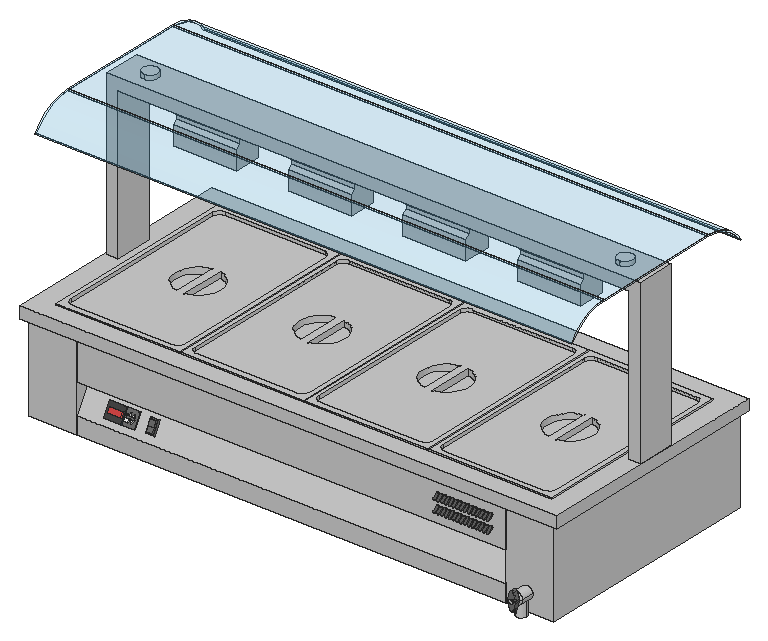
Revit family "QF_INOMAK_MSV614_250605095516", category Specialty Equipment, Revit 2021
Family settings
  Round Connector Dimension = Use Diameter
  Part Type = Normal
  OmniClass Number = 23.40.40.14
  OmniClass Title = Food Service Equipment
  Work Plane-Based = No
  Always vertical = Yes
  Cut with Voids When Loaded = No
  Shared = No
  Room Calculation Point = No
Parameters (values of type "MSV614")
  Weight [instance] = 51.00 kg
  Waste Water Discharge Temperature [instance] = 0 °C
  Waste Remarks [instance] = ""
  Warranty Start Date [instance] = ""
  Warranty Duration [instance] = ""
  Volts [instance] = 230 V
  Volt Free Conn [instance] = no
  URL Recommended Spares List [instance] = ""
  URL Manufacturer [instance] = ""
  URL Cutsheet [instance] = ""
  URL Critical Spares List [instance] = ""
  URL = "www.inomak.com"
  Technical Documentation [instance] = ""
  Tag Number [instance] = ""
  Status [instance] = ""
  Start Up Current [instance] = 0 A
  Specification by User [instance] = ""
  Specification by Manufacturer [instance] = ""
  Sound Level [instance] = ""
  Show Logo [instance] = yes
  Show Clearances [instance] = yes
  Service Life Duration [instance] = ""
  Serial Number [instance] = ""
  Seismic Rating [instance] = ""
  SMACNA No [instance] = ""
  Revision Code [instance] = ""
  Revision [instance] = ""
  Production Year [instance] = ""
  Potential Equalisation [instance] = no
  Point Load [instance] = 0
  Plumbing Connection Type [instance] = ""
  Phase [instance] = 1
  Other Equipment Approvals [instance] = ""
  Operational Current [instance] = 0 A
  Number of Poles [instance] = 2
  No Load Power Draw [instance] = no
  NAFEM Spec ID Number [instance] = ""
  Model Warning [instance] = ""
  Model = "MSV614"
  Min Ckt Ampacity [instance] = 0 A
  Max Overcurrent Protection [instance] = 16 A
  Masterspec [instance] = ""
  Manufacturer = "INOMAK"
  Main switch integrated [instance] = no
  Length Actual [instance] = 1406 mm
  Item Number [instance] = ""
  Installed By [instance] = ""
  Installation Date [instance] = ""
  Indirect Waste Size [instance] = 25.4 mm
  Indirect Waste Remarks [instance] = ""
  Indirect Waste Flow [instance] = 0.0 L/s
  Indirect Waste Connection Type [instance] = ""
  Indirect Waste Connection Height [instance] = 0 mm
  Identify Quantity as Lot [instance] = no
  ID [instance] = ""
  Hygiene Approval [instance] = ""
  Height Actual [instance] = 708 mm
  HP power [instance] = ""
  Furnished By [instance] = ""
  Foodservice Equipment Identifier [instance] = no
  FL Amps [instance] = 11 A
  Electrical Remarks [instance] = ""
  Electric power [instance] = 2520 W
  Electric Connection Type [instance] = ""
  Elec Conn RI Height [instance] = 0 mm
  Elec Conn Connection Height [instance] = 0 mm
  ETL Approved [instance] = no
  Direct Waste Water Discharge Temperature [instance] = -273.15 °C
  Direct Waste Size [instance] = 25.4 mm
  Direct Waste RI Height [instance] = 0 mm
  Direct Waste Flow [instance] = 0.0 L/s
  Direct Waste Connection Height [instance] = 0 mm
  Description = "PORTABLE BAIN MARIE WITH 4 GN PANS CAPACITY AND DOUBLE SNEEZE GUARD"
  Depth Actual [instance] = 629 mm
  Default Elevation = 0 mm
  Cycle [instance] = 50 Hz
  Cost = 0
  Connection to energy optimisation system [instance] = yes
  Conn Plug [instance] = ""
  Conn Conduit [instance] = no
  Centralized building control system with digital interface [instance] = ""
  CSI MasterFormat [instance] = ""
  CE Approved [instance] = no
  Barcode [instance] = 0
  Author [instance] = ""
  Asset Identifier [instance] = ""
  Apparent Power [instance] = 2520 VA
  Accessory [instance] = no
Reference planes
  plane 1 "Center (Front/Back)": y = 0
  plane 2: z = 0
  plane 3 "Center (Left/Right)": x = 0
Forms (mm)
  Extrusion 1, solid, not visible
    sketch origin (1320.064, -600.029, 12.001) x (1, 0, 0) y (0, 1, 0)
      loop
        line (-2, 2) -> (-2, -2) -> (2, -2) -> (2, 2) -> (-2, 2)
    from -2 to 2
  Extrusion 2, solid, not visible
    sketch origin (80.004, -600.029, 12.001) x (1, 0, 0) y (0, 1, 0)
      loop
        line (-2, 2) -> (-2, -2) -> (2, -2) -> (2, 2) -> (-2, 2)
    from -2 to 2
Dimensions and locks
  locked: nested 2 to Extrusion 1 at 2  (x2)
  locked: nested 3 to Extrusion 2 at 2  (x2)
  aligned and locked: level to plane 2
Nested families
  nested 1: "QF_INOMAK_PORTABLE_BAIN_MARIES_1410_2920" at (0, 0, 0), type "MSV614"
    with Weight 51.00 kg, Warranty Start Date "", Warranty Duration "", URL Cutsheet "", Technical Documentation "", Tag Number "", Status "", Specification by User "", Specification by Manufacturer "", Sound Level "", Solid Fuel Type "", Show Logo yes, Show Clearances yes, Service Life Duration "", Serial Number "", Seismic Rating "", SMACNA No "", Revision Code "", Revision "", Production Year "", Point Load 0, Other Equipment Approvals "", NAFEM Spec ID Number "", Model Warning "", Masterspec "", Length Actual 1406 mm, Item Number "", Installed By "", Installation Date "", Identify Quantity as Lot yes, ID "", Hygiene Approval "", Height Actual 708 mm, Furnished By "", Foodservice Equipment Identifier yes, ETL Approved yes, Depth Actual 629 mm, CSI MasterFormat "", CE Approved yes, Barcode "", Author "", Asset Identifier "", Accessory no
  nested 2: "CONN_POINT_DRAIN_2D___Generic_Annotation" at (1320.064, -600.029, 10), type "CONN_POINT_DRAIN_2D___Generic_Annotation"
    with Onboard connection annotation symbol visibility yes
  nested 3: "CONN_POINT_ELE_2D___Generic_Annotation" at (80.004, -600.029, 10), type "CONN_POINT_ELE_2D___Generic_Annotation"
    with Onboard connection annotation symbol visibility yes
  nested 4: "QF_INOMAK_HEAT_WORKTOPS_HTDS_1410_4767" at (0, 0, 268), type "HTDS-1410-630"
    with Weight 0.00 kg, Warranty Start Date "", Warranty Duration "", URL Cutsheet "", Technical Documentation "", Tag Number "", Status "", Specification by User "", Specification by Manufacturer "", Sound Level "", Solid Fuel Type "", Show Logo yes, Show Clearances yes, Service Life Duration "", Serial Number "", Seismic Rating "", SMACNA No "", Revision Code "", Revision "", Production Year "", Point Load 0, Other Equipment Approvals "", NAFEM Spec ID Number "", Model Warning "", Masterspec "", Length Actual 1406 mm, Item Number "", Installed By "", Installation Date "", Identify Quantity as Lot yes, ID "", Hygiene Approval "", Height Actual 440 mm, Furnished By "", Foodservice Equipment Identifier yes, ETL Approved yes, Depth Actual 630 mm, CSI MasterFormat "", CE Approved yes, Barcode "", Author "", Asset Identifier "", Accessory yes
Connectors
  piping at (1320.064, -600.029, 10), diameter 25.4, driven by "Indirect Waste Size", driven by "Direct Waste Flow"
    settings: on Extrusion 1, index 1, connector inside diameter 609.6 mm, connector length 0 mm, flow factor 0, pipe flow 0.0 L/s, pressure drop 0.0 Pa, fitting loss kfactor 0, connector angle 0.00°, fixture units 0, engagement length 0 mm, angle of deflection 0.00°, flow configuration 1, flow direction 2, fitting loss method 0, system type 16, joint type 0, gender type 0, connector reference index -1, connector utility 0, adjustable connector no, is connector primary yes, connector description "Waste connection for MSV614"
  electrical at (80.004, -600.029, 10), driven by "Apparent Power", driven by "Number of Poles", driven by "Volts"
    settings: on Extrusion 2, index 2, voltage 230 V, apparent load 0 VA, apparent load phase1 2520 VA, apparent load phase2 0 VA, apparent load phase3 0 VA, power factor 1, load classification "Other", number of poles 2, system type 31, power factor state 1, is connector primary yes, connector utility no, sub classification motor no, connector description "Electrical connection for MSV614"
Definition of nested family "QF_INOMAK_PORTABLE_BAIN_MARIES_1410_2920"
  Parameters (values of type "MSV614")
    Weight [instance] = 0.00 kg
    Warranty Start Date [instance] = ""
    Warranty Duration [instance] = ""
    URL Cutsheet [instance] = ""
    URL = "www.inomak.com"
    Technical Documentation [instance] = ""
    Tag Number [instance] = ""
    Status [instance] = ""
    Specification by User [instance] = ""
    Specification by Manufacturer [instance] = ""
    Sound Level [instance] = ""
    Solid Fuel Type [instance] = ""
    Show Logo [instance] = yes
    Show Clearances [instance] = yes
    Service Life Duration [instance] = ""
    Serial Number [instance] = ""
    Seismic Rating [instance] = ""
    SMACNA No [instance] = ""
    Revision Code [instance] = ""
    Revision [instance] = ""
    Production Year [instance] = ""
    Point Load [instance] = 0
    Other Equipment Approvals [instance] = ""
    NAFEM Spec ID Number [instance] = ""
    Model Warning [instance] = ""
    Model = "MSV614"
    Masterspec [instance] = ""
    Manufacturer = "INOMAK"
    Length Actual [instance] = 0 mm
    Item Number [instance] = ""
    Installed By [instance] = ""
    Installation Date [instance] = ""
    Identify Quantity as Lot [instance] = yes
    ID [instance] = ""
    Hygiene Approval [instance] = ""
    Height Actual [instance] = 0 mm
    Furnished By [instance] = ""
    Foodservice Equipment Identifier [instance] = yes
    ETL Approved [instance] = yes
    Description = "PORTABLE BAIN MARIE WITH 4 GN PANS CAPACITY AND DOUBLE SNEEZE GUARD"
    Depth Actual [instance] = 0 mm
    Default Elevation = 0 mm
    CSI MasterFormat [instance] = ""
    CE Approved [instance] = yes
    Barcode [instance] = ""
    Author [instance] = ""
    Asset Identifier [instance] = ""
    Assembly Code = "E1090320"
    Accessory [instance] = yes
  Types (5, lengths in mm): name | Model | Description
    MBV614 | "MBV614" | "PORTABLE BAIN MARIE WITH 4 GN PANS CAPACITY AND SHOWCASE"
    MEV614 | "MEV614" | "PORTABLE BAIN MARIE WITH 4 GN PANS CAPACITY AND SINGLE SNEEZE GUARD"
    MSV614 | "MSV614" | "PORTABLE BAIN MARIE WITH 4 GN PANS CAPACITY AND DOUBLE SNEEZE GUARD"
    MBSQ614 | "MBSQ614" | "PORTABLE BAIN MARIE WITH 4 GN PANS CAPACITY AND SQUARE SHOWCASE"
    MAV614 | "MAV614" | "PORTABLE BAIN MARIE WITH 4 GN PANS CAPACITY"
  Reference planes
    plane 1 "Back": y = 0
    plane 2: z = 0
    plane 3 "Left": x = 0
    plane 4 "Right": x = 1406
    plane 5 "Front": y = -629
    plane 6 "Top": z = 268
  Forms (mm)
    Extrusion 1, solid
      sketch origin (562.428, -636, -16.393) x (-1, 0, 0) y (0, 0, 1)
        loop
          arc (-522.253, 222.665) -> (-526.351, 223.763) -> (-527.449, 219.665) r 3
          line (-527.449, 219.665) -> (-518.449, 204.077)
          arc (-518.449, 204.077) -> (-514.351, 202.979) -> (-513.253, 207.077) r 3
          line (-513.253, 207.077) -> (-522.253, 222.665)
        loop
          arc (-532.253, 222.665) -> (-536.351, 223.763) -> (-537.449, 219.665) r 3
          line (-537.449, 219.665) -> (-528.449, 204.077)
          arc (-528.449, 204.077) -> (-524.351, 202.979) -> (-523.253, 207.077) r 3
          line (-523.253, 207.077) -> (-532.253, 222.665)
        loop
          arc (-542.253, 222.665) -> (-546.351, 223.763) -> (-547.449, 219.665) r 3
          line (-547.449, 219.665) -> (-538.449, 204.077)
          arc (-538.449, 204.077) -> (-534.351, 202.979) -> (-533.253, 207.077) r 3
          line (-533.253, 207.077) -> (-542.253, 222.665)
        loop
          arc (-552.253, 222.665) -> (-556.351, 223.763) -> (-557.449, 219.665) r 3
          line (-557.449, 219.665) -> (-548.449, 204.077)
          arc (-548.449, 204.077) -> (-544.351, 202.979) -> (-543.253, 207.077) r 3
          line (-543.253, 207.077) -> (-552.253, 222.665)
        loop
          arc (-562.253, 222.665) -> (-566.351, 223.763) -> (-567.449, 219.665) r 3
          line (-567.449, 219.665) -> (-558.449, 204.077)
          arc (-558.449, 204.077) -> (-554.351, 202.979) -> (-553.253, 207.077) r 3
          line (-553.253, 207.077) -> (-562.253, 222.665)
        loop
          arc (-572.253, 222.665) -> (-576.351, 223.763) -> (-577.449, 219.665) r 3
          line (-577.449, 219.665) -> (-568.449, 204.077)
          arc (-568.449, 204.077) -> (-564.351, 202.979) -> (-563.253, 207.077) r 3
          line (-563.253, 207.077) -> (-572.253, 222.665)
        loop
          arc (-582.253, 222.665) -> (-586.351, 223.763) -> (-587.449, 219.665) r 3
          line (-587.449, 219.665) -> (-578.449, 204.077)
          arc (-578.449, 204.077) -> (-574.351, 202.979) -> (-573.253, 207.077) r 3
          line (-573.253, 207.077) -> (-582.253, 222.665)
        loop
          arc (-592.253, 222.665) -> (-596.351, 223.763) -> (-597.449, 219.665) r 3
          line (-597.449, 219.665) -> (-588.449, 204.077)
          arc (-588.449, 204.077) -> (-584.351, 202.979) -> (-583.253, 207.077) r 3
          line (-583.253, 207.077) -> (-592.253, 222.665)
        loop
          arc (-602.253, 222.665) -> (-606.351, 223.763) -> (-607.449, 219.665) r 3
          line (-607.449, 219.665) -> (-598.449, 204.077)
          arc (-598.449, 204.077) -> (-594.351, 202.979) -> (-593.253, 207.077) r 3
          line (-593.253, 207.077) -> (-602.253, 222.665)
        loop
          arc (-612.253, 222.665) -> (-616.351, 223.763) -> (-617.449, 219.665) r 3
          line (-617.449, 219.665) -> (-608.449, 204.077)
          arc (-608.449, 204.077) -> (-604.351, 202.979) -> (-603.253, 207.077) r 3
          line (-603.253, 207.077) -> (-612.253, 222.665)
        loop
          arc (-622.253, 222.665) -> (-626.351, 223.763) -> (-627.449, 219.665) r 3
          line (-627.449, 219.665) -> (-618.449, 204.077)
          arc (-618.449, 204.077) -> (-614.351, 202.979) -> (-613.253, 207.077) r 3
          line (-613.253, 207.077) -> (-622.253, 222.665)
        loop
          arc (-632.253, 222.665) -> (-636.351, 223.763) -> (-637.449, 219.665) r 3
          line (-637.449, 219.665) -> (-628.449, 204.077)
          arc (-628.449, 204.077) -> (-624.351, 202.979) -> (-623.253, 207.077) r 3
          line (-623.253, 207.077) -> (-632.253, 222.665)
        loop
          arc (-642.253, 222.665) -> (-646.351, 223.763) -> (-647.449, 219.665) r 3
          line (-647.449, 219.665) -> (-638.449, 204.077)
          arc (-638.449, 204.077) -> (-634.351, 202.979) -> (-633.253, 207.077) r 3
          line (-633.253, 207.077) -> (-642.253, 222.665)
        loop
          arc (-652.253, 222.665) -> (-656.351, 223.763) -> (-657.449, 219.665) r 3
          line (-657.449, 219.665) -> (-648.449, 204.077)
          arc (-648.449, 204.077) -> (-644.351, 202.979) -> (-643.253, 207.077) r 3
          line (-643.253, 207.077) -> (-652.253, 222.665)
        loop
          arc (-662.253, 222.665) -> (-666.351, 223.763) -> (-667.449, 219.665) r 3
          line (-667.449, 219.665) -> (-658.449, 204.077)
          arc (-658.449, 204.077) -> (-654.351, 202.979) -> (-653.253, 207.077) r 3
          line (-653.253, 207.077) -> (-662.253, 222.665)
        loop
          arc (-522.253, 192.665) -> (-526.351, 193.763) -> (-527.449, 189.665) r 3
          line (-527.449, 189.665) -> (-518.449, 174.077)
          arc (-518.449, 174.077) -> (-514.351, 172.979) -> (-513.253, 177.077) r 3
          line (-513.253, 177.077) -> (-522.253, 192.665)
        loop
          arc (-532.253, 192.665) -> (-536.351, 193.763) -> (-537.449, 189.665) r 3
          line (-537.449, 189.665) -> (-528.449, 174.077)
          arc (-528.449, 174.077) -> (-524.351, 172.979) -> (-523.253, 177.077) r 3
          line (-523.253, 177.077) -> (-532.253, 192.665)
        loop
          arc (-542.253, 192.665) -> (-546.351, 193.763) -> (-547.449, 189.665) r 3
          line (-547.449, 189.665) -> (-538.449, 174.077)
          arc (-538.449, 174.077) -> (-534.351, 172.979) -> (-533.253, 177.077) r 3
          line (-533.253, 177.077) -> (-542.253, 192.665)
        loop
          arc (-552.253, 192.665) -> (-556.351, 193.763) -> (-557.449, 189.665) r 3
          line (-557.449, 189.665) -> (-548.449, 174.077)
          arc (-548.449, 174.077) -> (-544.351, 172.979) -> (-543.253, 177.077) r 3
          line (-543.253, 177.077) -> (-552.253, 192.665)
        loop
          arc (-562.253, 192.665) -> (-566.351, 193.763) -> (-567.449, 189.665) r 3
          line (-567.449, 189.665) -> (-558.449, 174.077)
          arc (-558.449, 174.077) -> (-554.351, 172.979) -> (-553.253, 177.077) r 3
          line (-553.253, 177.077) -> (-562.253, 192.665)
        loop
          arc (-572.253, 192.665) -> (-576.351, 193.763) -> (-577.449, 189.665) r 3
          line (-577.449, 189.665) -> (-568.449, 174.077)
          arc (-568.449, 174.077) -> (-564.351, 172.979) -> (-563.253, 177.077) r 3
          line (-563.253, 177.077) -> (-572.253, 192.665)
        loop
          arc (-582.253, 192.665) -> (-586.351, 193.763) -> (-587.449, 189.665) r 3
          line (-587.449, 189.665) -> (-578.449, 174.077)
          arc (-578.449, 174.077) -> (-574.351, 172.979) -> (-573.253, 177.077) r 3
          line (-573.253, 177.077) -> (-582.253, 192.665)
        loop
          arc (-592.253, 192.665) -> (-596.351, 193.763) -> (-597.449, 189.665) r 3
          line (-597.449, 189.665) -> (-588.449, 174.077)
          arc (-588.449, 174.077) -> (-584.351, 172.979) -> (-583.253, 177.077) r 3
          line (-583.253, 177.077) -> (-592.253, 192.665)
        loop
          arc (-602.253, 192.665) -> (-606.351, 193.763) -> (-607.449, 189.665) r 3
          line (-607.449, 189.665) -> (-598.449, 174.077)
          arc (-598.449, 174.077) -> (-594.351, 172.979) -> (-593.253, 177.077) r 3
          line (-593.253, 177.077) -> (-602.253, 192.665)
        loop
          arc (-612.253, 192.665) -> (-616.351, 193.763) -> (-617.449, 189.665) r 3
          line (-617.449, 189.665) -> (-608.449, 174.077)
          arc (-608.449, 174.077) -> (-604.351, 172.979) -> (-603.253, 177.077) r 3
          line (-603.253, 177.077) -> (-612.253, 192.665)
        loop
          arc (-622.253, 192.665) -> (-626.351, 193.763) -> (-627.449, 189.665) r 3
          line (-627.449, 189.665) -> (-618.449, 174.077)
          arc (-618.449, 174.077) -> (-614.351, 172.979) -> (-613.253, 177.077) r 3
          line (-613.253, 177.077) -> (-622.253, 192.665)
        loop
          arc (-632.253, 192.665) -> (-636.351, 193.763) -> (-637.449, 189.665) r 3
          line (-637.449, 189.665) -> (-628.449, 174.077)
          arc (-628.449, 174.077) -> (-624.351, 172.979) -> (-623.253, 177.077) r 3
          line (-623.253, 177.077) -> (-632.253, 192.665)
        loop
          arc (-642.253, 192.665) -> (-646.351, 193.763) -> (-647.449, 189.665) r 3
          line (-647.449, 189.665) -> (-638.449, 174.077)
          arc (-638.449, 174.077) -> (-634.351, 172.979) -> (-633.253, 177.077) r 3
          line (-633.253, 177.077) -> (-642.253, 192.665)
        loop
          arc (-652.253, 192.665) -> (-656.351, 193.763) -> (-657.449, 189.665) r 3
          line (-657.449, 189.665) -> (-648.449, 174.077)
          arc (-648.449, 174.077) -> (-644.351, 172.979) -> (-643.253, 177.077) r 3
          line (-643.253, 177.077) -> (-652.253, 192.665)
        loop
          arc (-662.253, 192.665) -> (-666.351, 193.763) -> (-667.449, 189.665) r 3
          line (-667.449, 189.665) -> (-658.449, 174.077)
          arc (-658.449, 174.077) -> (-654.351, 172.979) -> (-653.253, 177.077) r 3
          line (-653.253, 177.077) -> (-662.253, 192.665)
      from 16.5 to 18.5
    Extrusion 2, solid
      sketch origin (0, -641.208, 0) x (-1, 0, 0) y (0, 0, 1)
        loop
          line (-15, 10) -> (-15, 238) -> (-140, 238) -> (-140, 10) -> (-15, 10)
      from 22.208 to 631.208
    Extrusion 3, solid
      sketch origin (0, 0, 238) x (1, 0, 0) y (0, 1, 0)
        loop
          line (0, 0) -> (0, -629) -> (1406, -629) -> (1406, 0) -> (0, 0)
        loop
          line (53, -579) -> (1353, -579) -> (1353, -49) -> (53, -49) -> (53, -579)
      from 0 to 30
    Extrusion 4, solid
      sketch origin (1406, -641.208, 0) x (1, 0, 0) y (0, 0, -1)
        loop
          line (-15, -10) -> (-140, -10) -> (-140, -238) -> (-15, -238) -> (-15, -10)
      from 22.208 to 631.208
    Extrusion 5, solid
      sketch origin (-2, 0, 0) x (0, 1, 0) y (0, 0, 1)
        loop
          line (-619, 238) -> (-619, 133.92) -> (-579, 124.282) -> (-619, 55) -> (-619, 10) -> (-10, 10) -> (-10, 238) -> (-619, 238)
      from 142 to 1268
    Revolve 6, solid
      sketch origin (0, -594, 0) x (-1, 0, 0) y (0, 0, 1)
        loop
          line (-27.5, 10) -> (-40, 10) -> (-40, 0) -> (-30, 0) -> (-27.5, 10)
        axis (-40, 0) -> (-40, 10)
      angle from 0 to 360
    Revolve 7, solid
      sketch origin (1406, -594, 0) x (1, 0, 0) y (0, 0, -1)
        loop
          line (-27.5, -10) -> (-30, 0) -> (-40, 0) -> (-40, -10) -> (-27.5, -10)
        axis (-40, 0) -> (-40, -10)
      angle from 0 to 360
    Extrusion 8, solid
      sketch origin (-2, -646.329, 9.665) x (-1, 0, 0) y (0, 0.5, 0.866025)
        loop
          line (-208.234, 108.408) -> (-253.234, 108.408) -> (-253.234, 68.408) -> (-208.234, 68.408) -> (-208.234, 108.408)
      from 0 to 2
    Extrusion 9, solid
      sketch origin (-613.766, -619.914, 59.417) x (-1, 0, 0) y (0, 0.5, 0.866025)
        loop
          line (-950, 15) -> (-930, 15) -> (-930, 50) -> (-950, 50) -> (-950, 15)
      from 0 to 3
    Extrusion 10, solid
      sketch origin (-585.766, -511.66, -3.083) x (0, 0.866025, -0.5) y (0, 0.5, 0.866025)
        loop
          line (-125, 18) -> (-125, 47)
          arc (-125, 47) -> (-127.961, 46.812) -> (-130.754, 45.81) r 10.576
          line (-130.754, 45.81) -> (-128, 32.5) -> (-128, 18) -> (-125, 18)
      from 905 to 919
    Extrusion 11, solid
      sketch origin (43, -646.329, 9.665) x (-1, 0, 0) y (0, 0.5, 0.866025)
        loop
          line (-208.234, 108.408) -> (-243.234, 108.408) -> (-243.234, 68.408) -> (-208.234, 68.408) -> (-208.234, 108.408)
      from 0 to 2
    Extrusion 12, solid
      sketch origin (-2, -646.762, 9.915) x (-1, 0, 0) y (0, 0.5, 0.866025)
        loop
          line (-213.234, 94.908) -> (-248.234, 94.908) -> (-248.234, 81.908) -> (-213.234, 81.908) -> (-213.234, 94.908)
      from 0 to 2.5
    Extrusion 13, solid
      sketch origin (-2, -646.762, 9.915) x (-1, 0, 0) y (0, 0.5, 0.866025)
        loop
          line (-271.558, 91.171) -> (-275.802, 98.522) -> (-280.047, 91.171) -> (-271.558, 91.171)
        loop
          line (-271.558, 85.645) -> (-280.047, 85.645) -> (-275.802, 78.294) -> (-271.558, 85.645)
        loop
          line (-257.397, 85.645) -> (-267.397, 85.645) -> (-267.397, 78.294) -> (-257.397, 78.294) -> (-257.397, 85.645)
        loop
          line (-265.397, 98.522) -> (-267.397, 98.522) -> (-267.397, 92.322) -> (-259.549, 92.322) -> (-259.549, 91.171) -> (-257.397, 93.322) -> (-259.549, 95.474) -> (-259.549, 94.322) -> (-265.397, 94.322) -> (-265.397, 98.522)
      from 0 to 2.5
    Revolve 14, solid
      sketch origin (0, -25, 0) x (-1, 0, 0) y (0, 0, -1)
        loop
          line (-27.5, -10) -> (-30, 0) -> (-40, 0) -> (-40, -10) -> (-27.5, -10)
        axis (-40, 0) -> (-40, -10)
      angle from 0 to 360
    Revolve 15, solid
      sketch origin (1406, -25, 0) x (1, 0, 0) y (0, 0, 1)
        loop
          line (-27.5, 10) -> (-40, 10) -> (-40, 0) -> (-30, 0) -> (-27.5, 10)
        axis (-40, 0) -> (-40, 10)
      angle from 0 to 360
    Extrusion 16, solid
      sketch origin (648, 4.125, 0) x (1, 0, 0) y (0, 1, 0)
        loop
          circle (672.38, -640.973) r 13
        loop
          circle (672.38, -640.973) r 11
      from 10 to 55
    Revolve 17, solid
      sketch origin (648, 1, 55) x (1, 0, 0) y (0, 1, 0)
        loop
          line (657.38, -620) -> (657.38, -651.68) -> (662.497, -655.973) -> (672.497, -655.973) -> (672.497, -620) -> (657.38, -620)
        axis (672.497, -655.973) -> (672.497, -620)
      angle from 0 to 360
    Extrusion 18, solid
      sketch origin (648, -629, 0) x (-1, 0, 0) y (0, 0, 1)
        loop
          circle (-672.38, 55) r 5
      from -41.78 to -25.973
    Extrusion 19, solid
      sketch origin (648, -629, 0) x (-1, 0, 0) y (0, 0, 1)
        loop
          arc (-682.087, 57.836) -> (-682.497, 55) -> (-682.087, 52.164) r 10
          line (-682.087, 52.164) -> (-676.619, 33.676)
          arc (-676.619, 33.676) -> (-672.497, 30.597) -> (-668.376, 33.676) r 4.298
          line (-668.376, 33.676) -> (-662.908, 52.164)
          arc (-662.908, 52.164) -> (-662.497, 55) -> (-662.908, 57.836) r 10
          line (-662.908, 57.836) -> (-668.376, 76.324)
          arc (-668.376, 76.324) -> (-672.497, 79.403) -> (-676.619, 76.324) r 4.298
          line (-676.619, 76.324) -> (-682.087, 57.836)
      from -39.243 to -29.243
    Extrusion 20, solid
      sketch origin (-2, 1, 0) x (1, 0, 0) y (0, 1, 0)
        loop
          line (55, -50) -> (55, -580) -> (380, -580) -> (380, -50) -> (55, -50)
        loop
          arc (87.5, -65) -> (73.358, -70.858) -> (67.5, -85) r 20
          line (67.5, -85) -> (67.5, -545.415)
          arc (67.5, -545.415) -> (73.358, -559.557) -> (87.5, -565.415) r 20
          line (87.5, -565.415) -> (347.5, -565.415)
          arc (347.5, -565.415) -> (361.642, -559.557) -> (367.5, -545.415) r 20
          line (367.5, -545.415) -> (367.5, -85)
          arc (367.5, -85) -> (361.642, -70.858) -> (347.5, -65) r 20
          line (347.5, -65) -> (87.5, -65)
      from 238 to 270
    Extrusion 21, solid
      sketch origin (-2, 1, -7) x (1, 0, 0) y (0, 1, 0)
        loop
          arc (67.5, -545.415) -> (73.358, -559.557) -> (87.5, -565.415) r 20
          line (87.5, -565.415) -> (347.5, -565.415)
          arc (347.5, -565.415) -> (361.642, -559.557) -> (367.5, -545.415) r 20
          line (367.5, -545.415) -> (367.5, -85)
          arc (367.5, -85) -> (361.642, -70.858) -> (347.5, -65) r 20
          line (347.5, -65) -> (87.5, -65)
          arc (87.5, -65) -> (73.358, -70.858) -> (67.5, -85) r 20
          line (67.5, -85) -> (67.5, -545.415)
      from 245 to 270
    Extrusion 22, void
      sketch origin (-2, 1, 8) x (1, 0, 0) y (0, 1, 0)
        loop
          arc (207.5, -256.046) -> (157.5, -315.207) -> (207.5, -374.368) r 60
          line (207.5, -374.368) -> (207.5, -256.046)
        loop
          line (227.5, -256.046) -> (227.5, -374.368)
          arc (227.5, -374.368) -> (277.5, -315.207) -> (227.5, -256.046) r 60
      from 240 to 270
    Extrusion 23, solid
      sketch origin (323, 1, 0) x (1, 0, 0) y (0, 1, 0)
        loop
          line (55, -50) -> (55, -580) -> (380, -580) -> (380, -50) -> (55, -50)
        loop
          arc (87.5, -65) -> (73.358, -70.858) -> (67.5, -85) r 20
          line (67.5, -85) -> (67.5, -545.415)
          arc (67.5, -545.415) -> (73.358, -559.557) -> (87.5, -565.415) r 20
          line (87.5, -565.415) -> (347.5, -565.415)
          arc (347.5, -565.415) -> (361.642, -559.557) -> (367.5, -545.415) r 20
          line (367.5, -545.415) -> (367.5, -85)
          arc (367.5, -85) -> (361.642, -70.858) -> (347.5, -65) r 20
          line (347.5, -65) -> (87.5, -65)
      from 238 to 270
    Extrusion 24, solid
      sketch origin (323, 1, -7) x (1, 0, 0) y (0, 1, 0)
        loop
          arc (67.5, -545.415) -> (73.358, -559.557) -> (87.5, -565.415) r 20
          line (87.5, -565.415) -> (347.5, -565.415)
          arc (347.5, -565.415) -> (361.642, -559.557) -> (367.5, -545.415) r 20
          line (367.5, -545.415) -> (367.5, -85)
          arc (367.5, -85) -> (361.642, -70.858) -> (347.5, -65) r 20
          line (347.5, -65) -> (87.5, -65)
          arc (87.5, -65) -> (73.358, -70.858) -> (67.5, -85) r 20
          line (67.5, -85) -> (67.5, -545.415)
      from 245 to 270
    Extrusion 25, void
      sketch origin (323, 1, 8) x (1, 0, 0) y (0, 1, 0)
        loop
          arc (207.5, -256.046) -> (157.5, -315.207) -> (207.5, -374.368) r 60
          line (207.5, -374.368) -> (207.5, -256.046)
        loop
          line (227.5, -256.046) -> (227.5, -374.368)
          arc (227.5, -374.368) -> (277.5, -315.207) -> (227.5, -256.046) r 60
      from 240 to 270
    Extrusion 26, solid
      sketch origin (648, 1, 0) x (1, 0, 0) y (0, 1, 0)
        loop
          line (55, -50) -> (55, -580) -> (380, -580) -> (380, -50) -> (55, -50)
        loop
          arc (87.5, -65) -> (73.358, -70.858) -> (67.5, -85) r 20
          line (67.5, -85) -> (67.5, -545.415)
          arc (67.5, -545.415) -> (73.358, -559.557) -> (87.5, -565.415) r 20
          line (87.5, -565.415) -> (347.5, -565.415)
          arc (347.5, -565.415) -> (361.642, -559.557) -> (367.5, -545.415) r 20
          line (367.5, -545.415) -> (367.5, -85)
          arc (367.5, -85) -> (361.642, -70.858) -> (347.5, -65) r 20
          line (347.5, -65) -> (87.5, -65)
      from 238 to 270
    Extrusion 27, solid
      sketch origin (648, 1, -7) x (1, 0, 0) y (0, 1, 0)
        loop
          arc (67.5, -545.415) -> (73.358, -559.557) -> (87.5, -565.415) r 20
          line (87.5, -565.415) -> (347.5, -565.415)
          arc (347.5, -565.415) -> (361.642, -559.557) -> (367.5, -545.415) r 20
          line (367.5, -545.415) -> (367.5, -85)
          arc (367.5, -85) -> (361.642, -70.858) -> (347.5, -65) r 20
          line (347.5, -65) -> (87.5, -65)
          arc (87.5, -65) -> (73.358, -70.858) -> (67.5, -85) r 20
          line (67.5, -85) -> (67.5, -545.415)
      from 245 to 270
    Extrusion 28, void
      sketch origin (648, 1, 8) x (1, 0, 0) y (0, 1, 0)
        loop
          arc (207.5, -256.046) -> (157.5, -315.207) -> (207.5, -374.368) r 60
          line (207.5, -374.368) -> (207.5, -256.046)
        loop
          line (227.5, -256.046) -> (227.5, -374.368)
          arc (227.5, -374.368) -> (277.5, -315.207) -> (227.5, -256.046) r 60
      from 240 to 270
    Extrusion 29, solid
      sketch origin (973, 1, 0) x (1, 0, 0) y (0, 1, 0)
        loop
          line (55, -50) -> (55, -580) -> (380, -580) -> (380, -50) -> (55, -50)
        loop
          arc (87.5, -65) -> (73.358, -70.858) -> (67.5, -85) r 20
          line (67.5, -85) -> (67.5, -545.415)
          arc (67.5, -545.415) -> (73.358, -559.557) -> (87.5, -565.415) r 20
          line (87.5, -565.415) -> (347.5, -565.415)
          arc (347.5, -565.415) -> (361.642, -559.557) -> (367.5, -545.415) r 20
          line (367.5, -545.415) -> (367.5, -85)
          arc (367.5, -85) -> (361.642, -70.858) -> (347.5, -65) r 20
          line (347.5, -65) -> (87.5, -65)
      from 238 to 270
    Extrusion 30, solid
      sketch origin (973, 1, -7) x (1, 0, 0) y (0, 1, 0)
        loop
          arc (67.5, -545.415) -> (73.358, -559.557) -> (87.5, -565.415) r 20
          line (87.5, -565.415) -> (347.5, -565.415)
          arc (347.5, -565.415) -> (361.642, -559.557) -> (367.5, -545.415) r 20
          line (367.5, -545.415) -> (367.5, -85)
          arc (367.5, -85) -> (361.642, -70.858) -> (347.5, -65) r 20
          line (347.5, -65) -> (87.5, -65)
          arc (87.5, -65) -> (73.358, -70.858) -> (67.5, -85) r 20
          line (67.5, -85) -> (67.5, -545.415)
      from 245 to 270
    Extrusion 31, void
      sketch origin (973, 1, 8) x (1, 0, 0) y (0, 1, 0)
        loop
          arc (207.5, -256.046) -> (157.5, -315.207) -> (207.5, -374.368) r 60
          line (207.5, -374.368) -> (207.5, -256.046)
        loop
          line (227.5, -256.046) -> (227.5, -374.368)
          arc (227.5, -374.368) -> (277.5, -315.207) -> (227.5, -256.046) r 60
      from 240 to 270
  Cuts and joins
    Extrusion 22, Extrusion 25 cuts Extrusion 21
    Extrusion 25, Extrusion 28 cuts Extrusion 24
    Extrusion 28, Extrusion 31 cuts Extrusion 27
    Extrusion 31 cuts Extrusion 30
  Lines and regions (mm)
    symbolic lines
      curve 1: line (0, 0, 0) -> (1406, 0, 0)
      curve 2: line (0, -629, 0) -> (0, 0, 0)
      curve 3: line (1406, -629, 0) -> (0, -629, 0)
      curve 4: line (1406, 0, 0) -> (1406, -629, 0)
      curve 5: line (53, -49, 0) -> (1353, -49, 0)
      curve 6: line (53, -579, 0) -> (53, -49, 0)
      curve 7: line (1353, -579, 0) -> (53, -579, 0)
      curve 8: line (703, -49, 0) -> (703, -579, 0)
      curve 9: line (378, -49, 0) -> (378, -579, 0)
      curve 10: line (1028, -49, 0) -> (1028, -579, 0)
      curve 11: line (1353, -49, 0) -> (1353, -579, 0)
      curve 12: arc (65.5, -84, 0) -> (71.358, -69.858, 0) -> (85.5, -64, 0) r 20
      curve 13: line (85.5, -64, 0) -> (345.5, -64, 0)
      curve 14: arc (345.5, -64, 0) -> (359.642, -69.858, 0) -> (365.5, -84, 0) r 20
      curve 15: line (365.5, -84, 0) -> (365.5, -544.415, 0)
      curve 16: arc (365.5, -544.415, 0) -> (359.642, -558.557, 0) -> (345.5, -564.415, 0) r 20
      curve 17: line (345.5, -564.415, 0) -> (85.5, -564.415, 0)
      curve 18: arc (85.5, -564.415, 0) -> (71.358, -558.557, 0) -> (65.5, -544.415, 0) r 20
      curve 19: line (65.5, -544.415, 0) -> (65.5, -84, 0)
      curve 20: arc (205.5, -255.046, 0) -> (155.5, -314.207, 0) -> (205.5, -373.368, 0) r 60
      curve 21: line (205.5, -373.368, 0) -> (205.5, -255.046, 0)
      curve 22: line (225.5, -255.046, 0) -> (225.5, -373.368, 0)
      curve 23: arc (225.5, -373.368, 0) -> (275.5, -314.207, 0) -> (225.5, -255.046, 0) r 60
      curve 24: arc (390.5, -84, 0) -> (396.358, -69.858, 0) -> (410.5, -64, 0) r 20
      curve 25: line (410.5, -64, 0) -> (670.5, -64, 0)
      curve 26: arc (670.5, -64, 0) -> (684.642, -69.858, 0) -> (690.5, -84, 0) r 20
      curve 27: line (690.5, -84, 0) -> (690.5, -544.415, 0)
      curve 28: line (390.5, -544.415, 0) -> (390.5, -84, 0)
      curve 29: arc (410.5, -564.415, 0) -> (396.358, -558.557, 0) -> (390.5, -544.415, 0) r 20
      curve 30: line (670.5, -564.415, 0) -> (410.5, -564.415, 0)
      curve 31: arc (690.5, -544.415, 0) -> (684.642, -558.557, 0) -> (670.5, -564.415, 0) r 20
      curve 32: arc (550.5, -373.368, 0) -> (600.5, -314.207, 0) -> (550.5, -255.046, 0) r 60
      curve 33: arc (530.5, -255.046, 0) -> (480.5, -314.207, 0) -> (530.5, -373.368, 0) r 60
      curve 34: line (530.5, -373.368, 0) -> (530.5, -255.046, 0)
      curve 35: line (550.5, -255.046, 0) -> (550.5, -373.368, 0)
      curve 36: arc (715.5, -84, 0) -> (721.358, -69.858, 0) -> (735.5, -64, 0) r 20
      curve 37: line (735.5, -64, 0) -> (995.5, -64, 0)
      curve 38: arc (995.5, -64, 0) -> (1009.642, -69.858, 0) -> (1015.5, -84, 0) r 20
      curve 39: line (1015.5, -84, 0) -> (1015.5, -544.415, 0)
      curve 40: arc (1015.5, -544.415, 0) -> (1009.642, -558.557, 0) -> (995.5, -564.415, 0) r 20
      curve 41: line (995.5, -564.415, 0) -> (735.5, -564.415, 0)
      curve 42: arc (735.5, -564.415, 0) -> (721.358, -558.557, 0) -> (715.5, -544.415, 0) r 20
      curve 43: line (715.5, -544.415, 0) -> (715.5, -84, 0)
      curve 44: arc (855.5, -255.046, 0) -> (805.5, -314.207, 0) -> (855.5, -373.368, 0) r 60
      curve 45: arc (875.5, -373.368, 0) -> (925.5, -314.207, 0) -> (875.5, -255.046, 0) r 60
      curve 46: line (875.5, -255.046, 0) -> (875.5, -373.368, 0)
      curve 47: line (855.5, -373.368, 0) -> (855.5, -255.046, 0)
      curve 48: arc (1040.5, -84, 0) -> (1046.358, -69.858, 0) -> (1060.5, -64, 0) r 20
      curve 49: line (1060.5, -64, 0) -> (1320.5, -64, 0)
      curve 50: arc (1320.5, -64, 0) -> (1334.642, -69.858, 0) -> (1340.5, -84, 0) r 20
      curve 51: line (1340.5, -84, 0) -> (1340.5, -544.415, 0)
      curve 52: arc (1340.5, -544.415, 0) -> (1334.642, -558.557, 0) -> (1320.5, -564.415, 0) r 20
      curve 53: line (1320.5, -564.415, 0) -> (1060.5, -564.415, 0)
      curve 54: arc (1060.5, -564.415, 0) -> (1046.358, -558.557, 0) -> (1040.5, -544.415, 0) r 20
      curve 55: line (1040.5, -544.415, 0) -> (1040.5, -84, 0)
      curve 56: arc (1180.5, -255.046, 0) -> (1130.5, -314.207, 0) -> (1180.5, -373.368, 0) r 60
      curve 57: line (1180.5, -373.368, 0) -> (1180.5, -255.046, 0)
      curve 58: line (1200.5, -255.046, 0) -> (1200.5, -373.368, 0)
      curve 59: arc (1200.5, -373.368, 0) -> (1250.5, -314.207, 0) -> (1200.5, -255.046, 0) r 60
  Dimensions and locks
    plane 3 "Left" to plane 4 "Right" = 1406 mm
    plane 5 "Front" to plane 1 "Back" = 629 mm
    plane 6 "Top" to plane 2 = 268 mm
    aligned and locked: level to plane 2
Definition of nested family "QF_INOMAK_HEAT_WORKTOPS_HTDS_1410_4767"
  Parameters (values of type "HTDS-1410-630")
    Weight [instance] = 0.00 kg
    Warranty Start Date [instance] = ""
    Warranty Duration [instance] = ""
    URL Cutsheet [instance] = ""
    URL = "www.inomak.com"
    Technical Documentation [instance] = ""
    Tag Number [instance] = ""
    Status [instance] = ""
    Specification by User [instance] = ""
    Specification by Manufacturer [instance] = ""
    Sound Level [instance] = ""
    Solid Fuel Type [instance] = ""
    Show Logo [instance] = yes
    Show Clearances [instance] = yes
    Service Life Duration [instance] = ""
    Serial Number [instance] = ""
    Seismic Rating [instance] = ""
    SMACNA No [instance] = ""
    Revision Code [instance] = ""
    Revision [instance] = ""
    Production Year [instance] = ""
    Point Load [instance] = 0
    Other Equipment Approvals [instance] = ""
    NAFEM Spec ID Number [instance] = ""
    Model Warning [instance] = ""
    Model = "HTDS"
    Masterspec [instance] = ""
    Manufacturer = "INOMAK"
    Length Actual [instance] = 0 mm
    Item Number [instance] = ""
    Installed By [instance] = ""
    Installation Date [instance] = ""
    Identify Quantity as Lot [instance] = yes
    ID [instance] = ""
    Hygiene Approval [instance] = ""
    Height Actual [instance] = 0 mm
    Furnished By [instance] = ""
    Foodservice Equipment Identifier [instance] = yes
    ETL Approved [instance] = yes
    Description = "DOUBLE SNEEZE GUARD"
    Depth Actual [instance] = 0 mm
    Default Elevation = 0 mm
    CSI MasterFormat [instance] = ""
    CE Approved [instance] = yes
    Barcode [instance] = ""
    Author [instance] = ""
    Asset Identifier [instance] = ""
    Assembly Code = "E1090320"
    Accessory [instance] = yes
  Reference planes
    plane 1 "Back": y = 0
    plane 2: z = 0
    plane 3 "Left": x = 0
    plane 4 "Right": x = 1406
    plane 5 "Front": y = -630
    plane 6 "Top": z = 440
  Forms (mm)
    Extrusion 1, solid
      sketch origin (1080, 0, -833) x (0, -1, 0) y (0, 0, 1)
        loop
          line (20, 1213.94) -> (25.993, 1213.94)
          arc (25.993, 1213.94) -> (70.349, 1253.652) -> (128.129, 1268) r 123.514
          line (128.129, 1268) -> (471.871, 1268)
          arc (471.871, 1268) -> (529.651, 1253.652) -> (574.007, 1213.94) r 123.514
          line (574.007, 1213.94) -> (580, 1213.94)
          arc (580, 1213.94) -> (533.474, 1257.273) -> (471.871, 1273) r 128.514
          line (471.871, 1273) -> (128.129, 1273)
          arc (128.129, 1273) -> (66.526, 1257.273) -> (20, 1213.94) r 128.514
      from -326 to 1080
    Extrusion 2, solid
      sketch origin (-2, -695.221, -833) x (-1, 0, 0) y (0, 0, 1)
        loop
          line (-5, 833) -> (-5, 1258) -> (-1405, 1258) -> (-1405, 833) -> (-1375, 833) -> (-1375, 1228) -> (-35, 1228) -> (-35, 833) -> (-5, 833)
      from 345.221 to 445.221
    Extrusion 3, solid
      sketch origin (-2, 1874.578, 40) x (0, 1, 0) y (-1, 0, 0)
        loop
          circle (-2174.578, -80) r 20
      from 385 to 395
    Extrusion 4, solid
      sketch origin (324, 1874.578, 40) x (0, 1, 0) y (-1, 0, 0)
        loop
          circle (-2174.578, -1000) r 20
      from 385 to 395
    Extrusion 5, solid
      sketch origin (157, 0, 0) x (0, 1, 0) y (0, 0, 1)
        loop
          line (-265, 395) -> (-335, 395) -> (-335, 385) -> (-324.393, 374.393) -> (-275.607, 374.393) -> (-265, 385) -> (-265, 395)
      from 10 to 175
    Extrusion 6, solid
      sketch origin (167, 0, 0) x (0, 1, 0) y (0, 0, 1)
        loop
          line (-275.607, 374.393) -> (-324.393, 374.393) -> (-324.393, 364.393) -> (-335, 353.787) -> (-335, 305) -> (-265, 305) -> (-265, 353.787) -> (-275.607, 364.393) -> (-275.607, 374.393)
      from 0 to 5
    Extrusion 7, solid
      sketch origin (172, 0, 0) x (0, 1, 0) y (0, 0, 1)
        loop
          line (-275.607, 374.393) -> (-324.393, 374.393) -> (-324.393, 364.393) -> (-335, 353.787) -> (-335, 305) -> (-330, 305) -> (-330, 348.787) -> (-270, 348.787) -> (-270, 305) -> (-265, 305) -> (-265, 353.787) -> (-275.607, 364.393) -> (-275.607, 374.393)
      from 0 to 155
    Extrusion 8, solid
      sketch origin (327, 0, 0) x (0, 1, 0) y (0, 0, 1)
        loop
          line (-275.607, 374.393) -> (-324.393, 374.393) -> (-324.393, 364.393) -> (-335, 353.787) -> (-335, 305) -> (-265, 305) -> (-265, 353.787) -> (-275.607, 364.393) -> (-275.607, 374.393)
      from 0 to 5
    Extrusion 9, solid
      sketch origin (458, 0, 0) x (0, 1, 0) y (0, 0, 1)
        loop
          line (-265, 395) -> (-335, 395) -> (-335, 385) -> (-324.393, 374.393) -> (-275.607, 374.393) -> (-265, 385) -> (-265, 395)
      from 10 to 175
    Extrusion 10, solid
      sketch origin (468, 0, 0) x (0, 1, 0) y (0, 0, 1)
        loop
          line (-275.607, 374.393) -> (-324.393, 374.393) -> (-324.393, 364.393) -> (-335, 353.787) -> (-335, 305) -> (-265, 305) -> (-265, 353.787) -> (-275.607, 364.393) -> (-275.607, 374.393)
      from 0 to 5
    Extrusion 11, solid
      sketch origin (473, 0, 0) x (0, 1, 0) y (0, 0, 1)
        loop
          line (-275.607, 374.393) -> (-324.393, 374.393) -> (-324.393, 364.393) -> (-335, 353.787) -> (-335, 305) -> (-330, 305) -> (-330, 348.787) -> (-270, 348.787) -> (-270, 305) -> (-265, 305) -> (-265, 353.787) -> (-275.607, 364.393) -> (-275.607, 374.393)
      from 0 to 155
    Extrusion 12, solid
      sketch origin (628, 0, 0) x (0, 1, 0) y (0, 0, 1)
        loop
          line (-275.607, 374.393) -> (-324.393, 374.393) -> (-324.393, 364.393) -> (-335, 353.787) -> (-335, 305) -> (-265, 305) -> (-265, 353.787) -> (-275.607, 364.393) -> (-275.607, 374.393)
      from 0 to 5
    Extrusion 13, solid
      sketch origin (1245, 0, 0) x (0, 1, 0) y (0, 0, -1)
        loop
          line (-265, -395) -> (-265, -385) -> (-275.607, -374.393) -> (-324.393, -374.393) -> (-335, -385) -> (-335, -395) -> (-265, -395)
      from 10 to 175
    Extrusion 14, solid
      sketch origin (1235, 0, 0) x (0, 1, 0) y (0, 0, -1)
        loop
          line (-275.607, -374.393) -> (-275.607, -364.393) -> (-265, -353.787) -> (-265, -305) -> (-335, -305) -> (-335, -353.787) -> (-324.393, -364.393) -> (-324.393, -374.393) -> (-275.607, -374.393)
      from 0 to 5
    Extrusion 15, solid
      sketch origin (1230, 0, 0) x (0, 1, 0) y (0, 0, -1)
        loop
          line (-275.607, -374.393) -> (-275.607, -364.393) -> (-265, -353.787) -> (-265, -305) -> (-270, -305) -> (-270, -348.787) -> (-330, -348.787) -> (-330, -305) -> (-335, -305) -> (-335, -353.787) -> (-324.393, -364.393) -> (-324.393, -374.393) -> (-275.607, -374.393)
      from 0 to 155
    Extrusion 16, solid
      sketch origin (1075, 0, 0) x (0, 1, 0) y (0, 0, -1)
        loop
          line (-275.607, -374.393) -> (-275.607, -364.393) -> (-265, -353.787) -> (-265, -305) -> (-335, -305) -> (-335, -353.787) -> (-324.393, -364.393) -> (-324.393, -374.393) -> (-275.607, -374.393)
      from 0 to 5
    Extrusion 17, solid
      sketch origin (944, 0, 0) x (0, 1, 0) y (0, 0, -1)
        loop
          line (-265, -395) -> (-265, -385) -> (-275.607, -374.393) -> (-324.393, -374.393) -> (-335, -385) -> (-335, -395) -> (-265, -395)
      from 10 to 175
    Extrusion 18, solid
      sketch origin (934, 0, 0) x (0, 1, 0) y (0, 0, -1)
        loop
          line (-275.607, -374.393) -> (-275.607, -364.393) -> (-265, -353.787) -> (-265, -305) -> (-335, -305) -> (-335, -353.787) -> (-324.393, -364.393) -> (-324.393, -374.393) -> (-275.607, -374.393)
      from 0 to 5
    Extrusion 19, solid
      sketch origin (929, 0, 0) x (0, 1, 0) y (0, 0, -1)
        loop
          line (-275.607, -374.393) -> (-275.607, -364.393) -> (-265, -353.787) -> (-265, -305) -> (-270, -305) -> (-270, -348.787) -> (-330, -348.787) -> (-330, -305) -> (-335, -305) -> (-335, -353.787) -> (-324.393, -364.393) -> (-324.393, -374.393) -> (-275.607, -374.393)
      from 0 to 155
    Extrusion 20, solid
      sketch origin (774, 0, 0) x (0, 1, 0) y (0, 0, -1)
        loop
          line (-275.607, -374.393) -> (-275.607, -364.393) -> (-265, -353.787) -> (-265, -305) -> (-335, -305) -> (-335, -353.787) -> (-324.393, -364.393) -> (-324.393, -374.393) -> (-275.607, -374.393)
      from 0 to 5
  Cuts and joins
    joined: Extrusion 6, Extrusion 7, Extrusion 8
    joined: Extrusion 10, Extrusion 11, Extrusion 12
    joined: Extrusion 14, Extrusion 15, Extrusion 16
    joined: Extrusion 18, Extrusion 19, Extrusion 20
  Lines and regions (mm)
    Masking region 1
      outline origin (0, 0, 0) x (1, 0, 0) y (0, 1, 0)
        loop
          line (0, -20) -> (0, -580) -> (1406, -580) -> (1406, -20) -> (0, -20)
    symbolic lines
      curve 1: line (0, -20, 0) -> (1406, -20, 0)
      curve 2: line (0, -580, 0) -> (0, -20, 0)
      curve 3: line (1406, -580, 0) -> (0, -580, 0)
      curve 4: line (1406, -20, 0) -> (1406, -580, 0)
  Dimensions and locks
    plane 3 "Left" to plane 4 "Right" = 1406 mm
    plane 5 "Front" to plane 1 "Back" = 630 mm
    plane 6 "Top" to plane 2 = 440 mm
    aligned and locked: level to plane 2
Definition of nested family "CONN_POINT_DRAIN_2D___Generic_Annotation"
  Parameters (values of type "CONN_POINT_DRAIN_2D___Generic_Annotation")
    Onboard connection annotation symbol visibility [instance] = yes
  Reference planes
    plane 1: y = 0
    plane 2: x = 0
  Lines and regions (mm)
    detail lines, visible <- "Onboard connection annotation symbol visibility"
      curve 1: circle (0, 0, 0) r 0.5 normal (0, 0, 1)
      curve 2: line (-1, 0, 0) -> (1, 0, 0)
      curve 3: line (0, 1, 0) -> (0, -1, 0)
      curve 4: line (1.776, 1, 0) -> (1.25, 1, 0)
      curve 5: line (1.25, 1, 0) -> (1.25, -1, 0)
      curve 6: line (1.25, -1, 0) -> (1.776, -1, 0)
      curve 7: arc (2.206, -0.862, 0) -> (2.459, -0.589, 0) -> (2.583, -0.238, 0) r 0.918
      curve 8: arc (2.583, 0.238, 0) -> (2.459, 0.589, 0) -> (2.206, 0.862, 0) r 0.918
      curve 9: arc (2.583, -0.238, 0) -> (2.599, 0, 0) -> (2.583, 0.238, 0) r 1.77
      curve 10: arc (2.206, 0.862, 0) -> (2.002, 0.965, 0) -> (1.776, 1, 0) r 0.741
      curve 11: arc (1.776, -1, 0) -> (2.002, -0.965, 0) -> (2.206, -0.862, 0) r 0.741
Definition of nested family "CONN_POINT_ELE_2D___Generic_Annotation"
  Parameters (values of type "CONN_POINT_ELE_2D___Generic_Annotation")
    Onboard connection annotation symbol visibility [instance] = yes
  Reference planes
    plane 1: y = 0
    plane 2: x = 0
  Lines and regions (mm)
    detail lines, visible <- "Onboard connection annotation symbol visibility"
      curve 1: circle (0, 0, 0) r 0.5 normal (0, 0, 1)
      curve 2: line (-1, 0, 0) -> (1, 0, 0)
      curve 3: line (0, 1, 0) -> (0, -1, 0)
      curve 4: line (2.5, 1, 0) -> (1.25, 1, 0)
      curve 5: line (1.25, 1, 0) -> (1.25, -1, 0)
      curve 6: line (1.25, -1, 0) -> (2.5, -1, 0)
      curve 7: line (1.25, 0, 0) -> (2, 0, 0)
